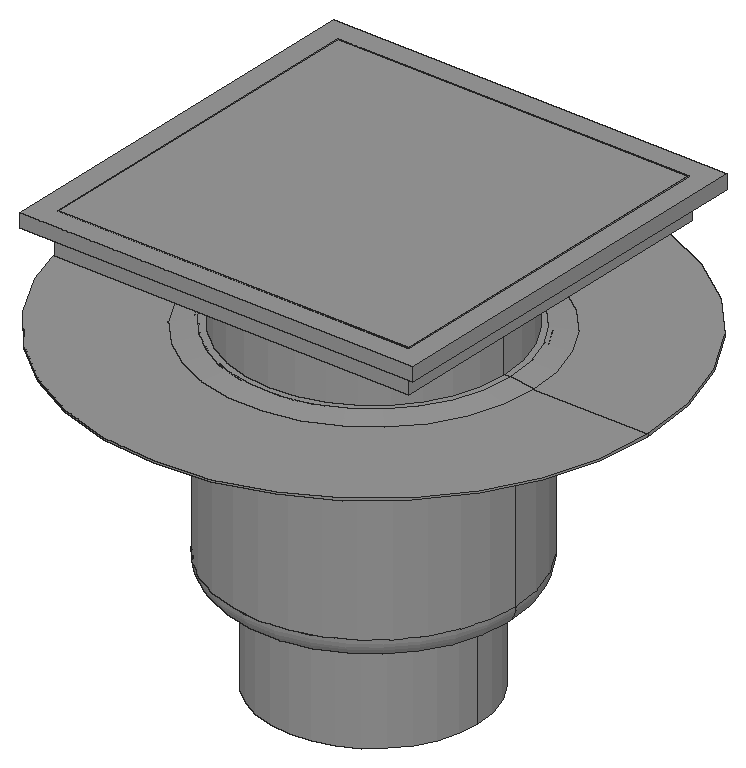
Revit family "ACO AUS Gully 218 Telescopic - Square Top - Vertical Outlet with Mechanical Flange - 300x3003", category Plumbing Fixtures, host Floor, Revit 2014
Parameters (values of type "142204 - Adjustable Height without FAT SS 304")
  vertical 110 = no
  Website = "www.acoaus.com.au"
  Watermarked By = "www.acoaus.com.au"
  Water Marked With = "BIM Manager Premium Suite"  # constant formula
  Water Mark 2 = "This file is water marked and users are prohibited to reproduce, adapt, distribute this information"  # constant formula
  Water Mark 1 = "This file is the property of ACO Passavant"  # constant formula
  Waste Connection = no
  Vertical 160 = yes
  Telephone = "+61 (2) 4747 4000"  # constant formula
  Square Size = 300.000 mm
  Seepage Water Removal Pipe End = -if(Square Size = 250.000 mm, 33.500 mm, 25.000 mm)  # -25.000 mm
  Product Type = "Point Drainage"  # constant formula
  Product Range = "ACO Gully 218"  # constant formula
  Product Code 413029 = "N/A"
  Product Code 413028 = "2.0 litre removable strainer - Stainless steel grade 304 - 0.9kg"
  Product Code 408236 = "N/A"
  Product Code 408233 = "N/A"
  Product Code 408226 = "Waterproof bonding flange - Stainless steel grade 304 - 2.5kg"
  Product Code 408223 = "0.7 litre removable strainer - Stainless steel grade 304 - 0.6kg"
  Product Code 142008 = "N/A"
  Product Code 142006 = "N/A"
  Product Code 142005 = "N/A"
  Product Code 142004 = "N/A"
  Product Code 142003 = "N/A"
  Product Code 142002 = "N/A"
  Price = "POA - contact ACO "  # constant formula
  Outlet Height = 77.000 mm
  Outlet Diameter (mm) = "160"  # constant formula
  Outlet = 78.500 mm
  Material = Stainless Steel AISI 304
  Manufacturer = "ACO Polycrete"  # constant formula
  Load Class = "A15 - C250 (EN 1253) and D210 (AS 3996)\r\n"  # constant formula
  Gully Weight (Kg) = "6"
  Gully Void Start [instance] = 0.000 mm  # constant formula
  Gully Void End = -244.000 mm
  Gully Top Size (mm) = "To suit 300x300 grates\r\n"  # constant formula
  Gully Top = yes
  Gully Recycled Material Content = "20 - 30 %"  # constant formula
  Gully Recyclable = "Fully Recyclable"  # constant formula
  Gully Product Description = "ACO Gully 218 adjustable height gully with integrated clamping flange - DN160 vertical outlet with square top section without FAT - grade 304"
  Gully Product Code = "142204"
  Gully Material = "Stainless steel grade 304"
  Gully Colour = "passivated stainless steel surface ( matt grey)"  # constant formula
  Grating product Code 416944 = "Load Class M125 (EN 1253) - Cast grate - Slip Resistant - Stainless steel grade 304 - 168x168x25 - 5.6kg"
  Grating product Code 416917 = "N/A"
  Grating product Code 416916 = "Load Class R50 (EN 1253) - Ladder grate - Slip Resistant - Stainless steel grade 304 - 268x268x25 - 3.5kg"
  Grating product Code 408145 = "N/A"
  Grating product Code 408137 = "N/A"
  Grating product Code 142010 = "Load Class L15 (EN 1253) - 5 Star grate - Slip Resistant - Stainless steel grade 304 - 268x268x25 - 4.1kg"
  Grating Product Code 408141 = "N/A"
  Grating Product Code 408135 = "N/A"
  Grating Product Code 408134 = "N/A"
  Grating Product Code 408045 = "Load Class D210 (EN 1253) - Ladder grate - Plain - Stainless steel grade 304 - 268x268x25 - 6.2kg"
  Grating Product Code 408041 = "Load Class L15 (EN 1253) - Arla grate - Slip Resistant - Stainless steel grade 304 - 268x268x25 - 1.8kg"
  Grating Product Code 408037 = "Load Class M125 (EN 1253) - Ladder grate - Slip Resistant - Stainless steel grade 304 - 168x168x25 - 4.3kg"
  Grating Product Code 408035 = "Load Class L15 (EN 1253) - Mesh grate - Plain - Stainless steel grade 304 - 268x268x25 - 2.1kg"
  Grating Product Code 408034 = "Load Class L15 (EN 1253) - Mesh grate - Slip Resistant - Stainless steel grade 304 - 268x268x25 - 2.1kg"
  Foul Air Trap Seal Recycled Material Content = "N/A"
  Foul Air Trap Seal Recyclable = "N/A"
  Foul Air Trap Seal Material = "N/A"
  Foul Air Trap Seal Colour = "N/A"
  Flow Rate (l/s) = "27.1"
  Grating 250 x 250mm = Square Size = 300.000 mm  # yes
  Floor to Gully Height [instance] = if(FFL To Gully Top Height > 91.000 mm, 91.000 mm, if(and(FFL To Gully Top Height > 62.000 mm, FFL To Gully Top Height < 92.000 mm), FFL To Gully Top Height, if(FFL To Gully Top Height < 62.000 mm, 62.000 mm, FFL To Gully Top Height)))  # 91.000 mm
  Floor Void End [instance] = -(Floor to Gully Height)  # -91.000 mm
  Fax = "+61 (2) 4747 4029"  # constant formula
  FFL To Gully Top Height [instance] = 160.000 mm
  E-mail Sales = "sales@acoaus.com.au"
  Address = "134-140 Old Bathurst Road, Emu Plains, NSW 2750, Australia\r\n"  # constant formula
  Foul Air Trap & Foul Air Trap Support Ring = no
  416944 - 268 x 268mm - Cast Grating - Slip Resistant - Stainless Steel 304 [instance] = no
  416917 - 268 x 268mm - Ladder Grating - Slip Resistant - Stainless Steel 316 [instance] = no
  416916 - 268 x 268mm - Ladder Grating - Slip Resistant - Stainless Steel 304 [instance] = no
  413029 - 2.0 litre removable strainer - Stainless Steel 316 [instance] = no
  413028 - 2.0 litre removable strainer - Stainless Steel 304 [instance] = no
  408236 - Waterproof bonding flange - Stainless Steel 316 [instance] = no
  408233 - 0.7 litre removable strainer - Stainless Steel 316 [instance] = no
  408226 - Waterproof bonding flange - Stainless Steel 304 [instance] = no
  408223 - 0.7 litre removable strainer - Stainless Steel 304 [instance] = no
  408145 - 268 x 268mm - Ladder Grating - Plain - Stainless Steel 316 [instance] = no
  408141 - 268 x 268mm - Arla Grating - Slip Resistant - Stainless Steel 316 [instance] = no
  408137 - 268 x 268mm - Ladder Grating - Slip Resistant - Stainless Steel 316 [instance] = no
  408135 - 268 x 268mm - Mesh Grating - Plain - Stainless Steel 316 [instance] = no
  408134 - 268 x 268mm - Mesh Grating - Slip Resistant - Stainless Steel 316 [instance] = no
  408045 - 268 x 268mm - Ladder Grating - Plain - Stainless Steel 304 [instance] = no
  408041 - 268 x 268mm - Arla Grating - Slip Resistant - Stainless Steel 304 [instance] = no
  408037 - 268 x 268mm - Ladder Grating - Slip Resistant - Stainless steel 304 [instance] = no
  408035 - 268 x 268mm - Mesh Grating - Plain - Stainless Steel 304 [instance] = yes
  408034 - 268 x 268mm - Mesh Grating - Slip Resistant - Stainless Steel 304 [instance] = no
  142010 - 268 x 268mm - 5 star Grating - Slip Resistant - Stainless Steel 304 [instance] = no
  142008 - Fixed strainer to suit a 160mm outlet - Stainless Steel 316 [instance] = no
  142006 - Retention chain connecting removable FAT to grate - Stainless Steel 316 [instance] = no
  142005 - Retention chain connecting removable strainer to grate - Stainless Steel 316 [instance] = no
  142004 - Retention chain connecting to FAT to removable strainer -Stainless Steel 316 [instance] = no
  142003 - Retention chain connecting fixed strainer to removable strainer - Stainless Steel 316 [instance] = no
  142002 - Retention chain connecting fixed strainer to FAT - Stainless Steel 316 [instance] = no
Reference planes
  plane 1 "Center (Front/Back)": y = 0
  plane 2: z = 0
  plane 3 "Center (Left/Right)": x = 0
Forms (mm)
  Sweep 1, solid, material "Stainless Steel AISI 304" <- "Material", visible <- "Gully Top"
    path origin (0, 0, 0) x (1, 0, 0) y (0, 1, 0)
      loop
        line (-150, -150) -> (150, -150) -> (150, 150) -> (-150, 150) -> (-150, -150)
    profile origin (-150, 0, 0) x (-1, 0, 0) y (0, 0, 1)
      loop
        line (0, -10.364) -> (0, 0) -> (-16, 0) -> (-16, -29.864) -> (-42, -29.864) -> (-42, -44.35) -> (-100, -44.35) -> (-100, -45.35) -> (-41, -45.35) -> (-41, -30.864) -> (-14.75, -30.864) -> (-14.75, -10.364) -> (0, -10.364)
  Revolve 2, solid, material "Stainless Steel AISI 304" <- "Material", visible <- "Gully Top"
    sketch origin (1.25, 0, -10) x (1, 0, 0) y (0, 0, 1)
      loop
        arc (-105.358, -35.354) -> (-102.432, -36.797) -> (-101.25, -39.837) r 4.5
        line (-101.25, -39.837) -> (-101.25, -93.864) -> (-100.25, -93.864) -> (-100.25, -39.837)
        arc (-100.25, -39.837) -> (-101.696, -36.132) -> (-105.271, -34.385) r 5.47
        line (-105.271, -34.385) -> (-106.861, -34.35) -> (-106.861, -35.354) -> (-105.358, -35.354)
      axis (-1.25, -93.864) -> (-1.25, -34.35)
    angle from 0 to 360
  Extrusion 3, void
    sketch origin (-50, -50, -44.35) x (-1, 0, 0) y (0, 1, 0)
      loop
        circle (-50, 50) r 105.611
    from 0 to 2
  Extrusion 4, solid, material "Stainless Steel AISI 304" <- "Material", visible <- "Gully Top"
    sketch origin (0, 0, 0) x (1, 0, 0) y (0, 1, 0)
      loop
        line (-134, 134) -> (-134, -134) -> (134, -134) -> (134, 134) -> (-134, 134)
    from 0 to -30
  Extrusion 5, void
    sketch origin (0, 0, 0) x (1, 0, 0) y (0, 1, 0)
      loop
        line (-150, 150) -> (-150, -150) -> (150, -150) -> (150, 150) -> (-150, 150)
    from 0 to -91 <- "Floor Void End"
  Revolve 6, solid, material "Rubber, Nitrile", visible <- "Foul Air Trap & Foul Air Trap Support Ring"
    sketch origin (0, 0, 0) x (1, 0, 0) y (0, 0, 1)
      loop
        line (-90.995, -145.5) -> (-107.493, -145.5) -> (-107.493, -166.5) -> (-90.995, -166.5) -> (-90.995, -161) -> (-85.993, -161) -> (-85.993, -150.482) -> (-90.995, -150.482) -> (-90.995, -145.5)
      axis (0, -166.5) -> (0, -145.5)
    angle from 0 to 360
  Extrusion 7, void
    sketch origin (0, 0, -91) x (0, 1, 0) y (-1, 0, 0)
      loop
        circle (0, 0) r 210
    from 0 <- "Gully Void Start" to -244 <- "Gully Void End"
  Revolve 8, solid, material "Stainless Steel AISI 304" <- "Material", visible <- "Foul Air Trap & Foul Air Trap Support Ring"
    sketch origin (0, 0, 0) x (1, 0, 0) y (0, 0, 1)
      loop
        line (-91, -145.534) -> (-91, -148.034)
        arc (-91, -148.034) -> (-90.121, -150.155) -> (-88, -151.034) r 3
        line (-88, -151.034) -> (-81.5, -151.034)
        arc (-81.5, -151.034) -> (-67.358, -156.892) -> (-61.5, -171.034) r 20
        line (-61.5, -171.034) -> (-61.5, -176.07) -> (-60, -176.07) -> (-60, -171.034)
        arc (-60, -171.034) -> (-66.297, -155.831) -> (-81.5, -149.534) r 21.5
        line (-81.5, -149.534) -> (-88, -149.534)
        arc (-88, -149.534) -> (-89.061, -149.095) -> (-89.5, -148.034) r 1.5
        line (-89.5, -148.034) -> (-89.5, -145.534) -> (-91, -145.534)
      loop
        line (-84, -172.534) -> (-84, -202.534)
        arc (-84, -202.534) -> (-72.577, -230.111) -> (-45, -241.534) r 39
        line (-45, -241.534) -> (0, -241.534) -> (0, -240.034) -> (-45, -240.034)
        arc (-45, -240.034) -> (-71.517, -229.05) -> (-82.5, -202.534) r 37.5
        line (-82.5, -202.534) -> (-82.5, -172.534) -> (-84, -172.534)
      axis (0, -145.534) -> (0, -241.534)
    angle from 0 to 360
Cuts and joins
  Extrusion 3 cuts Sweep 1
Lines and regions (mm)
  model lines, visible <- "Grating 250 x 250mm", not visible
    curve 1: line (625.621, 158.755, 0.136) -> (625.621, -111.745, 0.136)
    curve 2: line (626.621, 158.755, 0.136) -> (626.621, -111.745, 0.136)
    curve 3: line (723.344, 158.755, 0.136) -> (723.344, -111.745, 0.136)
    curve 4: line (724.344, 158.755, 0.136) -> (724.344, -111.745, 0.136)
    curve 5: line (658.195, 158.755, 0.136) -> (658.195, -111.745, 0.136)
    curve 6: line (659.195, 158.755, 0.136) -> (659.195, -111.745, 0.136)
    curve 7: line (690.77, 158.755, 0.136) -> (690.77, -111.745, 0.136)
    curve 8: line (691.77, 158.755, 0.136) -> (691.77, -111.745, 0.136)
    curve 9: line (528.897, 158.755, 0.136) -> (528.897, -111.745, 0.136)
    curve 10: line (527.897, 158.755, 0.136) -> (527.897, -111.745, 0.136)
    curve 11: line (594.046, 158.755, 0.136) -> (594.046, -111.745, 0.136)
    curve 12: line (593.046, 158.755, 0.136) -> (593.046, -111.745, 0.136)
    curve 13: line (561.472, 158.755, 0.136) -> (561.472, -111.745, 0.136)
    curve 14: line (560.472, 158.755, 0.136) -> (560.472, -111.745, 0.136)
    curve 15: line (471.728, 42.147, 0.136) -> (742.228, 42.147, 0.136)
    curve 16: line (471.728, 43.147, 0.136) -> (742.228, 43.147, 0.136)
    curve 17: line (471.728, 139.871, 0.136) -> (742.228, 139.871, 0.136)
    curve 18: line (471.728, 140.871, 0.136) -> (742.228, 140.871, 0.136)
    curve 19: line (471.728, 74.722, 0.136) -> (742.228, 74.722, 0.136)
    curve 20: line (471.728, 75.722, 0.136) -> (742.228, 75.722, 0.136)
    curve 21: line (471.728, 107.296, 0.136) -> (742.228, 107.296, 0.136)
    curve 22: line (471.728, 108.296, 0.136) -> (742.228, 108.296, 0.136)
    curve 23: line (471.728, -54.577, 0.136) -> (742.228, -54.577, 0.136)
    curve 24: line (471.728, -55.577, 0.136) -> (742.228, -55.577, 0.136)
    curve 25: line (471.728, 10.573, 0.136) -> (742.228, 10.573, 0.136)
    curve 26: line (471.728, 9.573, 0.136) -> (742.228, 9.573, 0.136)
    curve 27: line (471.728, -22.002, 0.136) -> (742.228, -22.002, 0.136)
    curve 28: line (471.728, -23.002, 0.136) -> (742.228, -23.002, 0.136)
    curve 29: line (493.322, 158.755, 0.136) -> (493.322, -111.745, 0.136)
    curve 30: line (492.322, 158.755, 0.136) -> (492.322, -111.745, 0.136)
    curve 31: line (471.728, -90.152, 0.136) -> (742.228, -90.152, 0.136)
    curve 32: line (471.728, -91.152, 0.136) -> (742.228, -91.152, 0.136)
  model lines
    curve 33: line (-134, -101.295, 0) -> (134, -101.295, 0)
    curve 34: line (-134, -98.105, 0) -> (134, -98.105, 0)
    curve 35: line (-134, -61.415, 0) -> (134, -61.415, 0)
    curve 36: line (-134, -58.225, 0) -> (134, -58.225, 0)
    curve 37: line (-134, -21.535, 0) -> (134, -21.535, 0)
    curve 38: line (-134, -18.345, 0) -> (134, -18.345, 0)
    curve 39: line (-134, 18.345, 0) -> (134, 18.345, 0)
    curve 40: line (-134, 21.535, 0) -> (134, 21.535, 0)
    curve 41: line (-134, 58.225, 0) -> (134, 58.225, 0)
    curve 42: line (-134, 61.415, -91) -> (134, 61.415, -91)
    curve 43: line (-134, 98.105, 0) -> (134, 98.105, 0)
    curve 44: line (-134, 101.295, 0) -> (134, 101.295, 0)
    curve 45: line (-101.295, 134, 0) -> (-101.295, -134, 0)
    curve 46: line (-98.105, 134, 0) -> (-98.105, -134, 0)
    curve 47: line (-134, 61.415, 0) -> (134, 61.415, 0)
    curve 48: line (-61.415, 134, 0) -> (-61.415, -134, 0)
    curve 49: line (-58.225, 134, 0) -> (-58.225, -134, 0)
    curve 50: line (-21.535, 134, 0) -> (-21.535, -134, 0)
    curve 51: line (-18.345, 134, 0) -> (-18.345, -134, 0)
    curve 52: line (18.345, 134, 0) -> (18.345, -134, 0)
    curve 53: line (21.535, 134, 0) -> (21.535, -134, 0)
    curve 54: line (58.225, 134, 0) -> (58.225, -134, 0)
    curve 55: line (61.415, 134, 0) -> (61.415, -134, 0)
    curve 56: line (98.105, 134, 0) -> (98.105, -134, 0)
    curve 57: line (101.295, 134, 0) -> (101.295, -134, 0)
  model lines, not visible
    curve 58: line (-134, -101.295, -53) -> (134, -101.295, -53)
    curve 59: line (-134, -98.105, -53) -> (134, -98.105, -53)
    curve 60: line (-134, -61.415, -53) -> (134, -61.415, -53)
    curve 61: line (-134, -58.225, -53) -> (134, -58.225, -53)
    curve 62: line (-134, -21.535, -53) -> (134, -21.535, -53)
    curve 63: line (-134, -18.345, -53) -> (134, -18.345, -53)
    curve 64: line (-134, 18.345, -53) -> (134, 18.345, -53)
    curve 65: line (-134, 21.535, -53) -> (134, 21.535, -53)
    curve 66: line (-134, 58.225, -53) -> (134, 58.225, -53)
    curve 67: line (-134, 98.105, -53) -> (134, 98.105, -53)
    curve 68: line (-134, 101.295, -53) -> (134, 101.295, -53)
    curve 69: line (-101.295, 134, -53) -> (-101.295, -134, -53)
    curve 70: line (-98.105, 134, -53) -> (-98.105, -134, -53)
    curve 71: line (-134, 61.415, -53) -> (134, 61.415, -53)
    curve 72: line (-61.415, 134, -53) -> (-61.415, -134, -53)
    curve 73: line (-58.225, 134, -53) -> (-58.225, -134, -53)
    curve 74: line (-21.535, 134, -53) -> (-21.535, -134, -53)
    curve 75: line (-18.345, 134, -53) -> (-18.345, -134, -53)
    curve 76: line (18.345, 134, -53) -> (18.345, -134, -53)
    curve 77: line (21.535, 134, -53) -> (21.535, -134, -53)
    curve 78: line (58.225, 134, -53) -> (58.225, -134, -53)
    curve 79: line (61.415, 134, -53) -> (61.415, -134, -53)
    curve 80: line (98.105, 134, -53) -> (98.105, -134, -53)
    curve 81: line (101.295, 134, -53) -> (101.295, -134, -53)
    curve 82: line (-134, -101.295, 0) -> (134, -101.295, 0)
    curve 83: line (-134, -98.105, 0) -> (134, -98.105, 0)
    curve 84: line (-134, -61.415, 0) -> (134, -61.415, 0)
    curve 85: line (-134, -58.225, 0) -> (134, -58.225, 0)
    curve 86: line (-134, -21.535, 0) -> (134, -21.535, 0)
    curve 87: line (-134, -18.345, 0) -> (134, -18.345, 0)
    curve 88: line (-134, 18.345, 0) -> (134, 18.345, 0)
    curve 89: line (-134, 21.535, 0) -> (134, 21.535, 0)
    curve 90: line (-134, 58.225, 0) -> (134, 58.225, 0)
    curve 91: line (-134, 98.105, 0) -> (134, 98.105, 0)
    curve 92: line (-134, 101.295, 0) -> (134, 101.295, 0)
    curve 93: line (-101.295, 134, 0) -> (-101.295, -134, 0)
    curve 94: line (-98.105, 134, 0) -> (-98.105, -134, 0)
    curve 95: line (-134, 61.415, 0) -> (134, 61.415, 0)
    curve 96: line (-61.415, 134, 0) -> (-61.415, -134, 0)
    curve 97: line (-58.225, 134, 0) -> (-58.225, -134, 0)
    curve 98: line (-21.535, 134, 0) -> (-21.535, -134, 0)
    curve 99: line (-18.345, 134, 0) -> (-18.345, -134, 0)
    curve 100: line (18.345, 134, 0) -> (18.345, -134, 0)
    curve 101: line (21.535, 134, 0) -> (21.535, -134, 0)
    curve 102: line (58.225, 134, 0) -> (58.225, -134, 0)
    curve 103: line (61.415, 134, 0) -> (61.415, -134, 0)
    curve 104: line (98.105, 134, 0) -> (98.105, -134, 0)
    curve 105: line (101.295, 134, 0) -> (101.295, -134, 0)
Dimensions and locks
  equal spacing: Sweep 1 sketch curve, plane 3 "Center (Left/Right)", Sweep 1 sketch curve
  "Square Size": Sweep 1 sketch curve to Sweep 1 sketch curve  (x2)
  equal spacing: Sweep 1 sketch curve, plane 1 "Center (Front/Back)", Sweep 1 sketch curve
  Sweep 1 sketch curve to Sweep 1 sketch curve to Sweep 1 sketch curve to Sweep 1 sketch curve to Sweep 1 sketch curve to Sweep 1 sketch curve = 58.000 mm, 1.000 mm, 25.000 mm, 1.250 mm, 14.750 mm
  Sweep 1 sketch curve to Sweep 1 sketch curve to Sweep 1 sketch curve = 13.487 mm, 1.000 mm
  Sweep 1 sketch curve to Sweep 1 sketch curve = 1.000 mm
  Sweep 1 sketch curve to Sweep 1 sketch curve = 29.864 mm
  Revolve 2 sketch curve to Revolve 2 sketch curve to Revolve 2 sketch curve to Revolve 2 sketch curve to Revolve 2 sketch curve to Revolve 2 sketch curve to Revolve 2 sketch curve = 1.503 mm, 0.087 mm locked, 4.021 mm locked, 0.000 mm locked, 1.000 mm locked, 0.000 mm locked
  Revolve 2 sketch curve to Revolve 2 sketch curve to Revolve 2 sketch curve to Revolve 2 sketch curve to Revolve 2 sketch curve to Revolve 2 sketch curve to Revolve 2 sketch curve = 0.035 mm, 0.969 mm, 0.000 mm, 4.483 mm locked, 0.000 mm locked, 54.026 mm
  locked: cut or joined group of Sweep 1, Extrusion 3 to Revolve 2 at 59.513
  Extrusion 4 to nested 1 = 61.000 mm
  locked: cut or joined group of Sweep 1, Extrusion 3 to Revolve 2 sketch curve at 58.513
  Revolve 6 sketch curve to Revolve 6 sketch curve to Revolve 6 sketch curve to Revolve 6 sketch curve = 4.982 mm locked, 10.518 mm locked, 5.500 mm locked
  equal spacing: Revolve 6 sketch curve, Revolve 6 sketch curve, Revolve 6 sketch curve, Revolve 6 sketch curve
  "FFL To Gully Top Height": host floor to host floor
  Revolve 6 sketch curve to Revolve 6 sketch curve to Revolve 6 sketch curve to Revolve 6 sketch curve = 16.497 mm locked, 0.000 mm locked, 5.003 mm locked
  Revolve 8 sketch curve to Revolve 8 sketch curve to Revolve 8 sketch curve to Revolve 8 sketch curve to Revolve 8 sketch curve to Revolve 8 sketch curve to Revolve 8 sketch curve to Revolve 8 sketch curve to Revolve 8 sketch curve to Revolve 8 sketch curve to Revolve 8 sketch curve = 2.500 mm locked, 3.000 mm locked, 20.000 mm locked, 0.000 mm locked, 1.500 mm locked, 3.536 mm locked, 26.464 mm locked, 0.000 mm locked, 37.500 mm locked, 1.500 mm locked
  locked: nested 1 to Revolve 6 at 54.5
  locked: nested 1 to Revolve 8 sketch curve at 150.534
  locked: nested 1 to Revolve 6 sketch curve at 54.5
  aligned and locked: level to plane 2
  aligned and locked: profile plane to Sweep 1 sketch curve
  aligned and locked: Extrusion 3 sketch curve to Revolve 2  (x2)
  aligned and locked: Extrusion 4 sketch curve to cut or joined group of Sweep 1, Extrusion 3  (x4)
  aligned and locked: Extrusion 5 sketch curve to cut or joined group of Sweep 1, Extrusion 3  (x4)
  aligned and locked: nested 2 to cut or joined group of Sweep 1, Extrusion 3
  aligned and locked: plane 3 "Center (Left/Right)" to nested 2
  aligned and locked: nested 3 to cut or joined group of Sweep 1, Extrusion 3
  aligned and locked: nested 3 to plane 1 "Center (Front/Back)"
  aligned and locked: nested 5 to plane 1 "Center (Front/Back)"
  aligned and locked: nested 1 to nested 5
  aligned and locked: nested 4 to plane 1 "Center (Front/Back)"
  aligned and locked: nested 4 to nested 5
  aligned and locked: plane 3 "Center (Left/Right)" to Revolve 2 sketch curve
  aligned and locked: Extrusion 7 sketch curve to nested 1
  aligned and locked: plane 3 "Center (Left/Right)" to nested 6
  aligned and locked: nested 6 to nested 1
Automatic sketch dimensions
  Revolve 2 sketch curve to level = 0.000 mm
  Revolve 2 sketch curve to plane 3 "Center (Left/Right)" = 99.000 mm
  level to Revolve 2 sketch curve = 25.000 mm
  curve 12 to curve 1 = 0.000 mm
  curve 10 to curve 12 = 0.000 mm
  curve 1 to curve 2 = 0.000 mm  (x2)
  curve 10 to curve 14 = 0.000 mm  (x2)
  curve 2 to curve 3 = 0.000 mm
  curve 14 to curve 13 = 0.000 mm  (x2)
  curve 3 to curve 4 = 0.000 mm  (x2)
  curve 30 to curve 10 = 0.000 mm
  curve 2 to curve 5 = 0.000 mm  (x2)
  curve 30 to curve 29 = 0.000 mm  (x2)
  curve 5 to curve 6 = 0.000 mm  (x2)
  curve 8 to curve 3 = 0.000 mm
  curve 7 to curve 8 = 0.000 mm  (x2)
  curve 12 to curve 11 = 0.000 mm  (x2)
  curve 10 to curve 9 = 0.000 mm  (x2)
  curve 30 to curve 32 = 20.594 mm
  curve 32 to curve 31 = 1.000 mm
  curve 31 to curve 24 = 34.575 mm
  curve 24 to curve 23 = 1.000 mm
  curve 23 to curve 28 = 31.575 mm
  curve 28 to curve 27 = 1.000 mm
  curve 27 to curve 26 = 31.575 mm
  curve 26 to curve 25 = 1.000 mm
  curve 25 to curve 15 = 31.575 mm
  curve 15 to curve 16 = 1.000 mm
  curve 16 to curve 19 = 31.575 mm
  curve 19 to curve 20 = 1.000 mm
  curve 20 to curve 21 = 31.575 mm
  curve 21 to curve 22 = 1.000 mm
  curve 22 to curve 17 = 31.575 mm
  curve 17 to curve 18 = 1.000 mm
  curve 18 to curve 14 = 17.884 mm
  curve 13 to curve 12 = 0.000 mm
  curve 18 to curve 8 = 17.884 mm
  curve 18 to curve 29 = 17.884 mm
  curve 6 to curve 7 = 0.000 mm
  curve 18 to curve 4 = 17.884 mm  (x2)
  curve 15 to curve 32 = 0.000 mm
  curve 17 to curve 15 = 0.000 mm
  curve 18 to curve 17 = 0.000 mm
  curve 19 to curve 15 = 0.000 mm
  curve 20 to curve 19 = 0.000 mm  (x2)
  curve 21 to curve 20 = 0.000 mm  (x2)
  curve 22 to curve 21 = 0.000 mm  (x2)
  curve 23 to curve 32 = 0.000 mm
  curve 24 to curve 23 = 0.000 mm
  curve 25 to curve 15 = 0.000 mm
  curve 26 to curve 25 = 0.000 mm  (x2)
  curve 27 to curve 26 = 0.000 mm  (x2)
  curve 28 to curve 27 = 0.000 mm  (x2)
  curve 31 to curve 32 = 0.000 mm
  curve 16 to curve 15 = 0.000 mm  (x2)
  curve 4 to curve 3 = 1.000 mm
  curve 3 to curve 8 = 31.575 mm
  curve 8 to curve 7 = 1.000 mm
  curve 7 to curve 6 = 31.575 mm
  curve 6 to curve 5 = 1.000 mm
  curve 5 to curve 2 = 31.575 mm
  curve 2 to curve 1 = 1.000 mm
  curve 1 to curve 11 = 31.575 mm
  curve 11 to curve 12 = 1.000 mm
  curve 12 to curve 13 = 31.575 mm
  curve 13 to curve 14 = 1.000 mm
  curve 14 to curve 9 = 31.575 mm
  curve 9 to curve 10 = 1.000 mm
  curve 10 to curve 29 = 34.575 mm
  curve 29 to curve 30 = 1.000 mm
  curve 30 to curve 25 = 20.594 mm
  curve 30 to curve 18 = 20.594 mm
  curve 19 to curve 25 = 0.000 mm
  curve 24 to curve 27 = 0.000 mm
  curve 15 to curve 25 = 0.000 mm
  curve 23 to curve 24 = 0.000 mm
  curve 31 to curve 24 = 0.000 mm
  curve 32 to curve 31 = 0.000 mm
  curve 17 to curve 18 = 0.000 mm
  Revolve 6 sketch curve to level = 0.000 mm
  Revolve 6 sketch curve to plane 3 "Center (Left/Right)" = 0.000 mm
  Revolve 6 sketch curve to plane 3 "Center (Left/Right)" = 85.993 mm
  level to Revolve 6 sketch curve = 25.000 mm
  curve 42 to nested 1 = 61.415 mm
  curve 42 to curve 42 = 268.000 mm
  Sweep 1 sketch curve to level = 0.000 mm
  Sweep 1 sketch curve to level = 10.364 mm
  Revolve 8 sketch curve to Revolve 8 sketch curve = 0.000 mm  (x4)
  Revolve 8 sketch curve to plane 3 "Center (Left/Right)" = 91.000 mm
  Revolve 8 sketch curve to Revolve 8 sketch curve = 1.500 mm
  Revolve 8 sketch curve to Revolve 8 sketch curve = 4.000 mm
  Revolve 8 sketch curve to Revolve 8 sketch curve = 1.000 mm
  Revolve 8 sketch curve to Revolve 8 sketch curve = 45.000 mm
  Revolve 8 sketch curve to Revolve 8 sketch curve = 81.500 mm
  Revolve 8 sketch curve to level = 66.213 mm
  Revolve 8 sketch curve to Revolve 8 sketch curve = 10.000 mm
Nested families
  nested 1: "Vertical Gully Outlet" at (0, 0, 0), type "408057 - Telescopic - Vertical Outlet Ø - 110mm"
  nested 2: "Gully Top Detail Element" at (0, 0, 0) x (1, 0, 0) z (0, -1, 0), visible <- "Gully Top", type "Front & Rare"
  nested 3: "Gully Top Detail Element" at (0, 0, 0) x (0, 1, 0) z (1, 0, 0), visible <- "Gully Top", type "Left &  Right"
  nested 4: "Gully Detail Vertical" at (0, 0, -91) x (0, 1, 0) z (1, 0, 0), visible <- "Vertical 160", type "Vertical Outlet Gully 160"
  nested 5: "Gully Detail Vertical" at (0, 0, -91) x (0, 1, 0) z (1, 0, 0), visible <- "vertical 110", type "Vertical Outlet Gully 110"
  nested 6: "Gully Detail Vertical" at (0, 0, -91) x (1, 0, 0) z (0, -1, 0), type "Vertical Outlet Gully 160"
Connectors
  piping at (0, 0, -335), diameter 160
    settings: on nested 1, index 1, connector inside diameter 609.6 mm, connector length 0.000 mm, flow factor 0, pipe flow 0.0 L/s, pressure drop 0.0 Pa, fitting loss kfactor 0, connector angle 0.00°, fixture units 0, engagement length 0.000 mm, angle of deflection 0.00°, flow configuration 0, flow direction 0, fitting loss method 0, system type 16, joint type 0, gender type 0, connector reference index -1, connector utility 0, adjustable connector no, is connector primary yes, connector description ""
Definition of nested family "Vertical Gully Outlet"
  Parameters (values of type "408057 - Telescopic - Vertical Outlet Ø - 110mm")
    Vertical Void Radius = 78.500 mm
    Vertical Outlet = yes
    Type Comments = "﻿﻿  ﻿         ​    ﻿            ​            ​      ﻿      ﻿   ​     ﻿    ﻿   ​      ﻿​             ﻿         ​  ﻿      ​ ​    ​      ​  ​      ​       ​      ​            ﻿        ​      ﻿      ﻿       ﻿        ​    ​​ ​ ​​​ ​    ​﻿ ​​​         ﻿﻿                          ​﻿                         ﻿     ​                      ​         ​ ﻿       ​   ​              ​       ​  ​               ﻿         ​​                                 ​       ​                 ﻿          ﻿   ​​ ​          ﻿ ​             ﻿﻿"
    Top Plate Radius = 209.000 mm
    Vertical Height from Floor = 91.000 mm
    Outlet Height = 77.000 mm
    Keynote = "﻿﻿  ﻿         ​    ﻿            ​            ​      ﻿      ﻿   ​     ﻿    ﻿   ​      ﻿​             ﻿         ​  ﻿      ​ ​    ​      ​  ​      ​       ​      ​            ﻿        ​      ﻿      ﻿       ﻿        ​    ​​ ​ ​​​ ​    ​﻿ ​​​         ﻿﻿                          ​﻿                         ﻿     ​                      ​         ​ ﻿       ​   ​              ​       ​  ​               ﻿         ​​                                 ​       ​                 ﻿          ﻿   ​​ ​          ﻿ ​             ﻿﻿"
    Gully Height = if(Vertical Outlet, 170.000 mm, 0.000 mm)  # 170.000 mm
    Description = "﻿﻿  ﻿         ​    ﻿            ​            ​      ﻿      ﻿   ​     ﻿    ﻿   ​      ﻿​             ﻿         ​  ﻿      ​ ​    ​      ​  ​      ​       ​      ​            ﻿        ​      ﻿      ﻿       ﻿        ​    ​​ ​ ​​​ ​    ​﻿ ​​​         ﻿﻿                          ​﻿                         ﻿     ​                      ​         ​ ﻿       ​   ​              ​       ​  ​               ﻿         ​​                                 ​       ​                 ﻿          ﻿   ​​ ​          ﻿ ​             ﻿﻿"
    Assembly Code = "D"
  Types (2, lengths in mm): name | Vertical Height from Floor
    408057 - Telescopic - Vertical Outlet Ø - 110mm | 91.000
    408057 - Telescopic - Vertical Outlet Ø - 160mm | 150.000
  Reference planes
    plane 1 "Center (Front/Back)": y = 0
    plane 2: z = 0
    plane 3 "Center (Left/Right)": x = 0
    plane 4: z = -171
  Forms (mm)
    Revolve 1, solid, material "Stainless Steel AISI 304"
      sketch origin (0, 0, 0) x (1, 0, 0) y (0, 0, 1)
        loop
          line (-78.5, -259.5) -> (-92.5, -259.5)
          arc (-92.5, -259.5) -> (-103.107, -255.107) -> (-107.5, -244.5) r 15
          line (-107.5, -244.5) -> (-107.5, -91) -> (-210, -91) -> (-210, -92.5) -> (-109, -92.5) -> (-109, -244.5)
          arc (-109, -244.5) -> (-104.167, -256.167) -> (-92.5, -261) r 16.5
          line (-92.5, -261) -> (-78.5, -261) -> (-78.5, -259.5)
        axis (0, -261) -> (0, -91)
      angle from 0 to 360
    Revolve 2, solid, material "Stainless Steel AISI 304", visible <- "Vertical Outlet"
      sketch origin (0, 0, 0) x (1, 0, 0) y (0, 0, 1)
        loop
          line (-80, -335) -> (-78.5, -335) -> (-78.5, -261) -> (-80, -261) -> (-80, -335)
        axis (0, -335) -> (0, -261)
      angle from 0 to 360
    Revolve 3, solid, material "Rubber, Nitrile"
      sketch origin (0, 0, 0) x (1, 0, 0) y (0, 0, 1)
        loop
          line (-122.5, -91) -> (-107.5, -91) -> (-107.5, -112) -> (-100, -112) -> (-100, -88.659) -> (-104.943, -88.659) -> (-122.5, -91)
        axis (0, -112) -> (0, -88.659)
      angle from 0 to 360
  Dimensions and locks
    plane 3 "Center (Left/Right)" to Revolve 1 sketch curve to Revolve 1 sketch curve = 107.500 mm, 1.500 mm locked
    "Vertical Height from Floor": host floor to Revolve 1 sketch curve
    Revolve 1 sketch curve to Revolve 1 sketch curve to Revolve 1 sketch curve to Revolve 1 sketch curve = 0.000 mm locked, 15.000 mm locked, 1.500 mm locked
    "Gully Height": Revolve 1 sketch curve to Revolve 1 sketch curve
    "Vertical Void Radius": plane 3 "Center (Left/Right)" to Revolve 1 sketch curve
    locked: Revolve 2 sketch curve to Revolve 2 sketch curve at 1.5
    "Vertical Void Radius": plane 3 "Center (Left/Right)" to Revolve 2 sketch curve
    locked: Revolve 1 to Revolve 2 sketch curve at 1.5
    locked: Revolve 1 sketch curve to Revolve 1 sketch curve at 1.5
    locked: Revolve 3 sketch curve to Revolve 3 sketch curve at 15
    locked: Revolve 1 to Revolve 3 at 21
    locked: Revolve 3 sketch curve to Revolve 3 sketch curve at 21
    aligned and locked: level to plane 2
  Automatic sketch dimensions
    Revolve 3 sketch curve to plane 4 = 59.000 mm
    Revolve 3 sketch curve to plane 3 "Center (Left/Right)" = 0.000 mm
    Revolve 3 sketch curve to plane 3 "Center (Left/Right)" = 100.000 mm
    Revolve 3 sketch curve to Revolve 3 sketch curve = 7.500 mm
    Revolve 3 sketch curve to Revolve 3 sketch curve = 2.557 mm
    Revolve 3 sketch curve to level = 39.000 mm
    Revolve 3 sketch curve to level = 14.000 mm
    Revolve 3 sketch curve to Revolve 3 sketch curve = 2.341 mm
    Revolve 1 sketch curve to plane 3 "Center (Left/Right)" = 0.000 mm
    Revolve 1 sketch curve to Revolve 1 sketch curve = 101.000 mm
    level to Revolve 1 sketch curve = 200.000 mm
    Revolve 1 sketch curve to Revolve 1 sketch curve = 20.000 mm
    Revolve 2 sketch curve to level = 0.000 mm
    Revolve 2 sketch curve to plane 3 "Center (Left/Right)" = 0.000 mm
    Revolve 2 sketch curve to Revolve 2 sketch curve = 74.000 mm
    level to Revolve 2 sketch curve = 10.000 mm
Definition of nested family "Gully Top Detail Element"
  Parameters (values of type "Front & Rare")
    Type Comments = ""
    Support Moving Domenssion = if(Square Size = 200.000 mm, 86.500 mm, if(Square Size = 300.000 mm, 136.500 mm, 25.000 mm))  # 136.500 mm
    Square Size = 300.000 mm
    L & R = no
    Keynote = ""
    Grating Depth = if(Square Size = 200.000 mm, 25.000 mm, if(Square Size = 300.000 mm, 30.000 mm, 25.000 mm))  # 30.000 mm
    F & R = yes
    Assembly Code = "D"
  Types (2, lengths in mm): name | L & R | F & R
    Front & Rare | no | yes
    Left &  Right | yes | no
  Reference planes
    plane 1 "Center (Front/Back)": y = 0
    plane 2: z = 0
    plane 3 "Center (Left/Right)": x = 0
  Lines and regions (mm)
    detail lines, in view "Ref. Level"
      curve 1: line (-148, 0, 0) -> (148, 0, 0)
      curve 2: line (-150, -10.5, 0) -> (150, -10.5, 0)
      curve 3: line (-150, -10.5, 0) -> (-150, -1, 0)
      curve 4: line (150, -1, 0) -> (150, -10.5, 0)
      curve 5: arc (-148, 0, 0) -> (-149.118, -0.264, 0) -> (-150, -1, 0) r 2.5
      curve 6: arc (148, 0, 0) -> (149.118, -0.264, 0) -> (150, -1, 0) r 2.5
      curve 7: line (-135.25, -31, 0) -> (-135.25, -10.5, 0)
      curve 8: line (135.25, -10.5, 0) -> (135.25, -31, 0)
      curve 9: line (-109, -45.5, 0) -> (-7.794, -45.5, 0)
      curve 11: line (-100, -104, 0) -> (-100, -49.983, 0)
      curve 12: arc (-100, -49.983, 0) -> (-101.182, -46.943, 0) -> (-104.108, -45.5, 0) r 4.5
      curve 13: line (100, -49.983, 0) -> (100, -104, 0)
      curve 14: arc (104.108, -45.5, 0) -> (101.182, -46.943, 0) -> (100, -49.983, 0) r 4.5
      curve 15: line (100, -104, 0) -> (-100, -104, 0)
      curve 16: line (7.794, -45.5, 0) -> (109, -45.5, 0)
      curve 155: line (-7.794, -45.5, 0) -> (7.794, -45.5, 0)
      curve 177: line (-109, -31, 0) -> (-109, -45.5, 0)
      curve 178: line (109, -31, 0) -> (109, -45.5, 0)
      curve 179: line (-135.25, -31, 0) -> (-109, -31, 0)
      curve 180: line (109, -31, 0) -> (135.25, -31, 0)
    detail lines, in view "Ref. Level", detail levels medium+fine
      curve 10: line (-109, -44, 0) -> (-8.485, -44, 0)
      curve 17: line (8.485, -44, 0) -> (109, -44, 0)
      curve 156: line (-8.485, -44, 0) -> (8.485, -44, 0)
    detail lines, in view "Ref. Level", detail levels fine
      curve 18: arc (-12.5, -144.737, 0) -> (0, -150.75, 0) -> (12.5, -144.737, 0) r 16
      curve 19: circle (0, -138.25, 0) r 6 normal (0, 0, 1)
      curve 20: line (12.5, -144.737, 0) -> (12.5, -104, 0)
      curve 21: line (-12.5, -144.737, 0) -> (-12.5, -104, 0)
      curve 82: arc (-182.081, -30.543, 0) -> (-177.485, -32.447, 0) -> (-172.889, -30.543, 0) r 6.5
      curve 83: arc (-201.88, -29.836, 0) -> (-197.991, -31.447, 0) -> (-194.102, -29.836, 0) r 5.5
      curve 84: arc (-202.587, -30.543, 0) -> (-197.991, -32.447, 0) -> (-193.395, -30.543, 0) r 6.5
      curve 85: arc (-223.093, -30.543, 0) -> (-218.497, -32.447, 0) -> (-213.901, -30.543, 0) r 6.5
      curve 86: arc (-223.093, -30.543, 0) -> (-218.497, -32.447, 0) -> (-213.901, -30.543, 0) r 6.5
      curve 87: line (-222.386, -29.836, 0) -> (-224.861, -27.361, 0)
      curve 88: line (-225.568, -28.068, 0) -> (-223.093, -30.543, 0)
      curve 89: arc (-224.861, -27.361, 0) -> (-226.645, -26.169, 0) -> (-228.75, -25.75, 0) r 5.5
      curve 90: arc (-225.568, -28.068, 0) -> (-227.028, -27.093, 0) -> (-228.75, -26.75, 0) r 4.5
      curve 91: line (-253.25, -26.75, 0) -> (-228.75, -26.75, 0)
      curve 92: line (-253.25, -25.75, 0) -> (-228.75, -25.75, 0)
      curve 93: line (-167.232, -26.75, 0) -> (-135.25, -26.75, 0)
      curve 94: arc (-167.232, -26.75, 0) -> (-168.954, -27.093, 0) -> (-170.414, -28.068, 0) r 4.5
      curve 95: arc (-167.232, -25.75, 0) -> (-169.336, -26.169, 0) -> (-171.121, -27.361, 0) r 5.5
      curve 96: line (-172.889, -30.543, 0) -> (-170.414, -28.068, 0)
      curve 97: line (-171.121, -27.361, 0) -> (-173.596, -29.836, 0)
      curve 98: arc (-181.374, -29.836, 0) -> (-177.485, -31.447, 0) -> (-173.596, -29.836, 0) r 5.5
      curve 99: arc (-182.081, -30.543, 0) -> (-177.485, -32.447, 0) -> (-172.889, -30.543, 0) r 6.5
      curve 100: line (-147.25, -26.75, 0) -> (-147.25, -25.75, 0)
      curve 101: line (-184.556, -28.068, 0) -> (-182.081, -30.543, 0)
      curve 102: line (-181.374, -29.836, 0) -> (-183.849, -27.361, 0)
      curve 103: arc (-183.849, -27.361, 0) -> (-187.738, -25.75, 0) -> (-191.627, -27.361, 0) r 5.5
      curve 104: arc (-184.556, -28.068, 0) -> (-187.738, -26.75, 0) -> (-190.92, -28.068, 0) r 4.5
      curve 105: line (-191.627, -27.361, 0) -> (-194.102, -29.836, 0)
      curve 106: line (-193.395, -30.543, 0) -> (-190.92, -28.068, 0)
      curve 107: line (-205.062, -28.068, 0) -> (-202.587, -30.543, 0)
      curve 108: line (-201.88, -29.836, 0) -> (-204.355, -27.361, 0)
      curve 109: arc (-205.062, -28.068, 0) -> (-208.244, -26.75, 0) -> (-211.426, -28.068, 0) r 4.5
      curve 110: arc (-204.355, -27.361, 0) -> (-208.244, -25.75, 0) -> (-212.133, -27.361, 0) r 5.5
      curve 111: line (-212.133, -27.361, 0) -> (-214.608, -29.836, 0)
      curve 112: line (-213.901, -30.543, 0) -> (-211.426, -28.068, 0)
      curve 113: arc (182.081, -30.543, 0) -> (177.485, -32.447, 0) -> (172.889, -30.543, 0) r 6.5
      curve 114: arc (201.88, -29.836, 0) -> (197.991, -31.447, 0) -> (194.102, -29.836, 0) r 5.5
      curve 115: arc (202.587, -30.543, 0) -> (197.991, -32.447, 0) -> (193.395, -30.543, 0) r 6.5
      curve 116: arc (223.093, -30.543, 0) -> (218.497, -32.447, 0) -> (213.901, -30.543, 0) r 6.5
      curve 117: arc (223.093, -30.543, 0) -> (218.497, -32.447, 0) -> (213.901, -30.543, 0) r 6.5
      curve 118: line (222.386, -29.836, 0) -> (224.861, -27.361, 0)
      curve 119: line (225.568, -28.068, 0) -> (223.093, -30.543, 0)
      curve 120: arc (224.861, -27.361, 0) -> (226.645, -26.169, 0) -> (228.75, -25.75, 0) r 5.5
      curve 121: arc (225.568, -28.068, 0) -> (227.028, -27.093, 0) -> (228.75, -26.75, 0) r 4.5
      curve 122: line (167.232, -26.75, 0) -> (135.25, -26.75, 0)
      curve 123: arc (167.232, -26.75, 0) -> (168.954, -27.093, 0) -> (170.414, -28.068, 0) r 4.5
      curve 124: arc (167.232, -25.75, 0) -> (169.336, -26.169, 0) -> (171.121, -27.361, 0) r 5.5
      curve 125: line (172.889, -30.543, 0) -> (170.414, -28.068, 0)
      curve 126: line (171.121, -27.361, 0) -> (173.596, -29.836, 0)
      curve 127: arc (181.374, -29.836, 0) -> (177.485, -31.447, 0) -> (173.596, -29.836, 0) r 5.5
      curve 128: arc (182.081, -30.543, 0) -> (177.485, -32.447, 0) -> (172.889, -30.543, 0) r 6.5
      curve 129: line (147.25, -26.75, 0) -> (147.25, -25.75, 0)
      curve 130: line (184.556, -28.068, 0) -> (182.081, -30.543, 0)
      curve 131: line (181.374, -29.836, 0) -> (183.849, -27.361, 0)
      curve 132: arc (183.849, -27.361, 0) -> (187.738, -25.75, 0) -> (191.627, -27.361, 0) r 5.5
      curve 133: arc (184.556, -28.068, 0) -> (187.738, -26.75, 0) -> (190.92, -28.068, 0) r 4.5
      curve 134: line (191.627, -27.361, 0) -> (194.102, -29.836, 0)
      curve 135: line (193.395, -30.543, 0) -> (190.92, -28.068, 0)
      curve 136: line (205.062, -28.068, 0) -> (202.587, -30.543, 0)
      curve 137: line (201.88, -29.836, 0) -> (204.355, -27.361, 0)
      curve 138: arc (205.062, -28.068, 0) -> (208.244, -26.75, 0) -> (211.426, -28.068, 0) r 4.5
      curve 139: arc (204.355, -27.361, 0) -> (208.244, -25.75, 0) -> (212.133, -27.361, 0) r 5.5
      curve 140: line (212.133, -27.361, 0) -> (214.608, -29.836, 0)
      curve 141: line (213.901, -30.543, 0) -> (211.426, -28.068, 0)
      curve 142: line (-253.25, -25.75, 0) -> (-253.25, -26.75, 0)
      curve 143: line (-247.237, -26.75, 0) -> (-247.237, -25.75, 0)
      curve 146: line (253.25, -26.75, 0) -> (228.75, -26.75, 0)
      curve 147: line (253.25, -25.75, 0) -> (228.75, -25.75, 0)
      curve 148: line (253.25, -25.75, 0) -> (253.25, -26.75, 0)
      curve 149: line (247.237, -26.75, 0) -> (247.237, -25.75, 0)
      curve 157: arc (-222.386, -29.836, 0) -> (-218.497, -31.447, 0) -> (-214.608, -29.836, 0) r 5.5
      curve 159: arc (222.386, -29.836, 0) -> (218.497, -31.447, 0) -> (214.608, -29.836, 0) r 5.5
      curve 161: line (-135.25, -25.75, 0) -> (-167.232, -25.75, 0)
      curve 162: line (-135.25, -26.75, 0) -> (-135.25, -16.75, 0)
      curve 163: line (-136.25, -26.75, 0) -> (-136.25, -16.75, 0)
      curve 164: line (-136.25, -16.75, 0) -> (-135.25, -16.75, 0)
      curve 169: line (135.25, -25.75, 0) -> (167.232, -25.75, 0)
      curve 170: line (135.25, -26.75, 0) -> (135.25, -16.75, 0)
      curve 171: line (136.25, -26.75, 0) -> (136.25, -16.75, 0)
      curve 172: line (135.25, -16.75, 0) -> (136.25, -16.75, 0)
    detail lines, in view "Ref. Level", not visible, detail levels fine
      curve 22: arc (-310.641, -582.151, 0) -> (-306.045, -584.055, 0) -> (-301.449, -582.151, 0) r 6.5
      curve 23: arc (-330.44, -581.444, 0) -> (-326.551, -583.055, 0) -> (-322.662, -581.444, 0) r 5.5
      curve 24: arc (-331.148, -582.151, 0) -> (-326.551, -584.055, 0) -> (-321.955, -582.151, 0) r 6.5
      curve 25: arc (-351.654, -582.151, 0) -> (-347.057, -584.055, 0) -> (-342.461, -582.151, 0) r 6.5
      curve 26: arc (-351.654, -582.151, 0) -> (-347.057, -584.055, 0) -> (-342.461, -582.151, 0) r 6.5
      curve 27: line (-350.947, -581.444, 0) -> (-353.421, -578.969, 0)
      curve 28: line (-354.129, -579.677, 0) -> (-351.654, -582.151, 0)
      curve 29: arc (-353.421, -578.969, 0) -> (-355.206, -577.777, 0) -> (-357.311, -577.359, 0) r 5.5
      curve 30: arc (-354.129, -579.677, 0) -> (-355.588, -578.701, 0) -> (-357.311, -578.359, 0) r 4.5
      curve 31: line (-381.811, -578.359, 0) -> (-357.311, -578.359, 0)
      curve 32: line (-381.811, -577.359, 0) -> (-357.311, -577.359, 0)
      curve 33: line (-295.792, -578.359, 0) -> (-263.811, -578.359, 0)
      curve 34: arc (-295.792, -578.359, 0) -> (-297.514, -578.701, 0) -> (-298.974, -579.677, 0) r 4.5
      curve 35: arc (-295.792, -577.359, 0) -> (-297.897, -577.777, 0) -> (-299.681, -578.969, 0) r 5.5
      curve 36: line (-301.449, -582.151, 0) -> (-298.974, -579.677, 0)
      curve 37: line (-299.681, -578.969, 0) -> (-302.156, -581.444, 0)
      curve 38: arc (-309.934, -581.444, 0) -> (-306.045, -583.055, 0) -> (-302.156, -581.444, 0) r 5.5
      curve 39: arc (-310.641, -582.151, 0) -> (-306.045, -584.055, 0) -> (-301.449, -582.151, 0) r 6.5
      curve 40: line (-275.811, -578.359, 0) -> (-275.811, -577.359, 0)
      curve 41: line (-313.116, -579.677, 0) -> (-310.641, -582.151, 0)
      curve 42: line (-309.934, -581.444, 0) -> (-312.409, -578.969, 0)
      curve 43: arc (-312.409, -578.969, 0) -> (-316.298, -577.359, 0) -> (-320.187, -578.969, 0) r 5.5
      curve 44: arc (-313.116, -579.677, 0) -> (-316.298, -578.359, 0) -> (-319.48, -579.677, 0) r 4.5
      curve 45: line (-320.187, -578.969, 0) -> (-322.662, -581.444, 0)
      curve 46: line (-321.955, -582.151, 0) -> (-319.48, -579.677, 0)
      curve 47: line (-333.622, -579.677, 0) -> (-331.148, -582.151, 0)
      curve 48: line (-330.44, -581.444, 0) -> (-332.915, -578.969, 0)
      curve 49: arc (-333.622, -579.677, 0) -> (-336.804, -578.359, 0) -> (-339.986, -579.677, 0) r 4.5
      curve 50: arc (-332.915, -578.969, 0) -> (-336.804, -577.359, 0) -> (-340.694, -578.969, 0) r 5.5
      curve 51: line (-340.694, -578.969, 0) -> (-343.168, -581.444, 0)
      curve 52: line (-342.461, -582.151, 0) -> (-339.986, -579.677, 0)
      curve 53: arc (-163.368, -582.151, 0) -> (-167.964, -584.055, 0) -> (-172.56, -582.151, 0) r 6.5
      curve 54: arc (-143.569, -581.444, 0) -> (-147.458, -583.055, 0) -> (-151.347, -581.444, 0) r 5.5
      curve 55: arc (-142.862, -582.151, 0) -> (-147.458, -584.055, 0) -> (-152.054, -582.151, 0) r 6.5
      curve 56: arc (-122.356, -582.151, 0) -> (-126.952, -584.055, 0) -> (-131.548, -582.151, 0) r 6.5
      curve 57: arc (-122.356, -582.151, 0) -> (-126.952, -584.055, 0) -> (-131.548, -582.151, 0) r 6.5
      curve 58: line (-123.063, -581.444, 0) -> (-120.588, -578.969, 0)
      curve 59: line (-119.881, -579.677, 0) -> (-122.356, -582.151, 0)
      curve 60: arc (-120.588, -578.969, 0) -> (-118.804, -577.777, 0) -> (-116.699, -577.359, 0) r 5.5
      curve 61: arc (-119.881, -579.677, 0) -> (-118.421, -578.701, 0) -> (-116.699, -578.359, 0) r 4.5
      curve 62: line (-178.217, -578.359, 0) -> (-210.199, -578.359, 0)
      curve 63: arc (-178.217, -578.359, 0) -> (-176.495, -578.701, 0) -> (-175.035, -579.677, 0) r 4.5
      curve 64: arc (-178.217, -577.359, 0) -> (-176.112, -577.777, 0) -> (-174.328, -578.969, 0) r 5.5
      curve 65: line (-172.56, -582.151, 0) -> (-175.035, -579.677, 0)
      curve 66: line (-174.328, -578.969, 0) -> (-171.853, -581.444, 0)
      curve 67: arc (-164.075, -581.444, 0) -> (-167.964, -583.055, 0) -> (-171.853, -581.444, 0) r 5.5
      curve 68: arc (-163.368, -582.151, 0) -> (-167.964, -584.055, 0) -> (-172.56, -582.151, 0) r 6.5
      curve 69: line (-198.199, -578.359, 0) -> (-198.199, -577.359, 0)
      curve 70: line (-160.893, -579.677, 0) -> (-163.368, -582.151, 0)
      curve 71: line (-164.075, -581.444, 0) -> (-161.6, -578.969, 0)
      curve 72: arc (-161.6, -578.969, 0) -> (-157.711, -577.359, 0) -> (-153.822, -578.969, 0) r 5.5
      curve 73: arc (-160.893, -579.677, 0) -> (-157.711, -578.359, 0) -> (-154.529, -579.677, 0) r 4.5
      curve 74: line (-153.822, -578.969, 0) -> (-151.347, -581.444, 0)
      curve 75: line (-152.054, -582.151, 0) -> (-154.529, -579.677, 0)
      curve 76: line (-140.387, -579.677, 0) -> (-142.862, -582.151, 0)
      curve 77: line (-143.569, -581.444, 0) -> (-141.094, -578.969, 0)
      curve 78: arc (-140.387, -579.677, 0) -> (-137.205, -578.359, 0) -> (-134.023, -579.677, 0) r 4.5
      curve 79: arc (-141.094, -578.969, 0) -> (-137.205, -577.359, 0) -> (-133.316, -578.969, 0) r 5.5
      curve 80: line (-133.316, -578.969, 0) -> (-130.841, -581.444, 0)
      curve 81: line (-131.548, -582.151, 0) -> (-134.023, -579.677, 0)
      curve 144: line (-381.811, -577.359, 0) -> (-381.811, -578.359, 0)
      curve 145: line (-375.798, -578.359, 0) -> (-375.798, -577.359, 0)
      curve 150: line (-92.199, -578.359, 0) -> (-116.699, -578.359, 0)
      curve 151: line (-92.199, -577.359, 0) -> (-116.699, -577.359, 0)
      curve 152: line (-92.199, -577.359, 0) -> (-92.199, -578.359, 0)
      curve 153: line (-98.211, -578.359, 0) -> (-98.211, -577.359, 0)
      curve 158: arc (-350.947, -581.444, 0) -> (-347.057, -583.055, 0) -> (-343.168, -581.444, 0) r 5.5
      curve 160: arc (-123.063, -581.444, 0) -> (-126.952, -583.055, 0) -> (-130.841, -581.444, 0) r 5.5
      curve 165: line (-263.811, -577.359, 0) -> (-295.792, -577.359, 0)
      curve 166: line (-263.811, -578.359, 0) -> (-263.811, -568.359, 0)
      curve 167: line (-264.811, -578.359, 0) -> (-264.811, -568.359, 0)
      curve 168: line (-264.811, -568.359, 0) -> (-263.811, -568.359, 0)
      curve 173: line (-210.199, -577.359, 0) -> (-178.217, -577.359, 0)
      curve 174: line (-210.199, -578.359, 0) -> (-210.199, -568.359, 0)
      curve 175: line (-209.199, -578.359, 0) -> (-209.199, -568.359, 0)
      curve 176: line (-210.199, -568.359, 0) -> (-209.199, -568.359, 0)
    detail lines, in view "Ref. Level", detail levels coarse
      curve 154: line (-104.108, -45.5, 0) -> (104.108, -45.5, 0)
Definition of nested family "Gully Detail Vertical"
  Parameters (values of type "Vertical Outlet Gully 160")
    Vertical 160 = yes
    Vertical 110 = no
    Type Comments = "﻿﻿  ﻿         ​    ﻿            ​            ​      ﻿      ﻿   ​     ﻿    ﻿   ​      ﻿​             ﻿         ​  ﻿      ​ ​    ​      ​  ​      ​       ​      ​            ﻿        ​      ﻿      ﻿       ﻿        ​    ​​ ​ ​​​ ​    ​﻿ ​​​         ﻿﻿                          ​﻿                         ﻿     ​                      ​         ​ ﻿       ​   ​              ​       ​  ​               ﻿         ​​                                 ​       ​                 ﻿          ﻿   ​​ ​          ﻿ ​             ﻿﻿"
    Top Piece Height = 170.000 mm
    Top Dia = 218.000 mm
    Top Connecting Plate Dia = 420.000 mm
    Keynote = "﻿﻿  ﻿         ​    ﻿            ​            ​      ﻿      ﻿   ​     ﻿    ﻿   ​      ﻿​             ﻿         ​  ﻿      ​ ​    ​      ​  ​      ​       ​      ​            ﻿        ​      ﻿      ﻿       ﻿        ​    ​​ ​ ​​​ ​    ​﻿ ​​​         ﻿﻿                          ​﻿                         ﻿     ​                      ​         ​ ﻿       ​   ​              ​       ​  ​               ﻿         ​​                                 ​       ​                 ﻿          ﻿   ​​ ​          ﻿ ​             ﻿﻿"
    Botttom Piece Height = 98.000 mm
    Bottom Outlet Dia = 160.000 mm
    Assembly Code = "D"
    A or B = 58.903 mm
  Types (3, lengths in mm): name | Vertical 160 | Vertical 110 | Top Connecting Plate Dia | Botttom Piece Height | Assembly Code
    Vertical Outlet Gully 110 | yes | no | 418.000 | 98.000 | "D"
    Vertical Outlet Gully 160 | yes | no | 420.000 | 98.000 | "D"
    Vertical Outlet Gully | no | yes | 418.000 | 93.000 | "﻿﻿  ﻿         ​    ﻿            ​            ​      ﻿      ﻿   ​     ﻿    ﻿   ​      ﻿​             ﻿         ​  ﻿      ​ ​    ​      ​  ​      ​       ​      ​            ﻿        ​      ﻿      ﻿       ﻿        ​    ​​ ​ ​​​ ​    ​﻿ ​​​         ﻿﻿                          ​﻿                         ﻿     ​                      ​         ​ ﻿       ​   ​              ​       ​  ​               ﻿         ​​                                 ​       ​                 ﻿          ﻿   ​​ ​          ﻿ ​             ﻿﻿"
  Reference planes
    plane 1 "Center (Front/Back)": y = 0
    plane 2: z = 0
    plane 3 "Center (Left/Right)": x = 0
  Lines and regions (mm)
    detail lines, in view "Ref. Level"
      curve 1: line (-210, 0, 0) -> (210, 0, 0)
      curve 2: line (210, 0, 0) -> (210, -1.5, 0)
      curve 4: line (-210, -1.5, 0) -> (-210, 0, 0)
      curve 22: line (92.5, -170, 0) -> (-92.5, -170, 0)
    detail lines, in view "Ref. Level", detail levels medium+fine
      curve 3: line (210, -1.5, 0) -> (-210, -1.5, 0)
      curve 5: arc (111, -1.5, 0) -> (109.586, -2.086, 0) -> (109, -3.5, 0) r 2
      curve 6: line (-109, -58.903, 0) -> (-109, -3.5, 0)
      curve 7: line (109, -58.903, 0) -> (109, -3.5, 0)
      curve 8: arc (107.25, -61.934, 0) -> (108.531, -60.653, 0) -> (109, -58.903, 0) r 3.5
      curve 9: line (105.69, -62.835, 0) -> (107.25, -61.934, 0)
      curve 10: arc (105.69, -62.835, 0) -> (104.44, -65, 0) -> (105.69, -67.165, 0) r 2.5
      curve 11: line (105.69, -67.165, 0) -> (107.25, -68.066, 0)
      curve 12: arc (109, -71.097, 0) -> (108.531, -69.347, 0) -> (107.25, -68.066, 0) r 3.5
      curve 13: line (109, -153.5, 0) -> (109, -71.097, 0)
      curve 14: arc (92.5, -170, 0) -> (104.167, -165.167, 0) -> (109, -153.5, 0) r 16.5
      curve 15: arc (-109, -58.903, 0) -> (-108.531, -60.653, 0) -> (-107.25, -61.934, 0) r 3.5
      curve 16: line (-105.69, -62.835, 0) -> (-107.25, -61.934, 0)
      curve 17: arc (-105.69, -67.165, 0) -> (-104.44, -65, 0) -> (-105.69, -62.835, 0) r 2.5
      curve 18: line (-105.69, -67.165, 0) -> (-107.25, -68.066, 0)
      curve 19: arc (-107.25, -68.066, 0) -> (-108.531, -69.347, 0) -> (-109, -71.097, 0) r 3.5
      curve 20: line (-109, -153.5, 0) -> (-109, -71.097, 0)
      curve 21: arc (-109, -153.5, 0) -> (-104.167, -165.167, 0) -> (-92.5, -170, 0) r 16.5
      curve 56: arc (-111, -1.5, 0) -> (-109.586, -2.086, 0) -> (-109, -3.5, 0) r 2
    detail lines, in view "Ref. Level", visible <- "Vertical 110", detail levels medium+fine
      curve 23: arc (-55.5, -175, 0) -> (-57.543, -171.417, 0) -> (-61.416, -170, 0) r 6
      curve 24: line (55.5, -175, 0) -> (-55.5, -175, 0)
      curve 25: arc (61.416, -170, 0) -> (57.543, -171.417, 0) -> (55.5, -175, 0) r 6
      curve 26: line (55, -178.017, 0) -> (55, -175, 0)
      curve 27: line (-55, -178.017, 0) -> (-55, -175, 0)
      curve 28: line (51.25, -181.733, 0) -> (55, -178.017, 0)
      curve 29: line (-51.25, -181.733, 0) -> (-55, -178.017, 0)
      curve 30: line (-51.25, -208.284, 0) -> (-51.25, -181.733, 0)
      curve 31: line (51.25, -208.284, 0) -> (51.25, -181.733, 0)
      curve 32: line (51.25, -208.284, 0) -> (55, -212, 0)
      curve 33: line (-51.25, -208.284, 0) -> (-55, -212, 0)
      curve 35: line (55, -260.536, 0) -> (53, -268, 0)
      curve 36: line (-53, -268, 0) -> (-55, -260.009, 0)
    detail lines, in view "Ref. Level", visible <- "Vertical 110"
      curve 34: line (-55, -260.009, 0) -> (-55, -212, 0)
      curve 37: line (53, -268, 0) -> (-53, -268, 0)
      curve 38: line (55, -260.536, 0) -> (55, -212, 0)
    detail lines, in view "Ref. Level", detail levels fine
      curve 39: line (-109, -58.903, 0) -> (109, -58.903, 0)
      curve 40: line (-109, -71.097, 0) -> (109, -71.097, 0)
      curve 74: line (-104.44, -65, 0) -> (104.44, -65, 0)
    detail lines, in view "Ref. Level", visible <- "Vertical 110", detail levels fine
      curve 41: line (-51.25, -181.733, 0) -> (51.25, -181.733, 0)
      curve 42: line (-51.25, -208.284, 0) -> (51.25, -208.284, 0)
      curve 43: line (-55, -212, 0) -> (55, -212, 0)
      curve 44: line (-55, -260.009, 0) -> (55, -260.009, 0)
    detail lines, in view "Ref. Level", detail levels coarse
      curve 45: line (210, -1.5, 0) -> (210, -66, 0)
      curve 46: line (-210, -1.5, 0) -> (-210, -170, 0)
      curve 47: line (-61.416, -170, 0) -> (-210, -170, 0)
      curve 54: line (210, -66, 0) -> (210, -170, 0)
      curve 55: line (60.795, -170, 0) -> (210, -170, 0)
    detail lines, in view "Ref. Level", visible <- "Vertical 110", detail levels coarse
      curve 48: line (-55, -212, 0) -> (-55, -170, 0)
      curve 49: line (55, -212, 0) -> (55, -170, 0)
      curve 50: line (-55, -260.009, 0) -> (-55, -268, 0)
      curve 51: line (-55, -268, 0) -> (-53, -268, 0)
      curve 52: line (55, -260.536, 0) -> (55, -268, 0)
      curve 53: line (53, -268, 0) -> (55, -268, 0)
    detail lines, in view "Ref. Level", visible <- "Vertical 160", detail levels medium+fine
      curve 57: arc (-80.5, -175, 0) -> (-82.543, -171.417, 0) -> (-86.416, -170, 0) r 6
      curve 58: line (-80, -178.017, 0) -> (-80, -175, 0)
      curve 61: arc (86.416, -170, 0) -> (82.543, -171.417, 0) -> (80.5, -175, 0) r 6
      curve 62: line (80, -178.017, 0) -> (80, -175, 0)
      curve 65: line (-78.501, -244, 0) -> (-80, -238.009, 0)
      curve 68: line (80, -238.536, 0) -> (78.536, -244, 0)
      curve 73: line (-80.5, -175, 0) -> (80.5, -175, 0)
    detail lines, in view "Ref. Level", visible <- "Vertical 160"
      curve 59: line (-80, -238.009, 0) -> (-80, -212, 0)
      curve 60: line (-80, -212, 0) -> (-80, -175, 0)
      curve 63: line (80, -238.536, 0) -> (80, -212, 0)
      curve 64: line (80, -212, 0) -> (80, -175, 0)
      curve 71: line (55, -244, 0) -> (-78.501, -244, 0)
      curve 72: line (55, -244, 0) -> (78.536, -244, 0)
    detail lines, in view "Ref. Level", visible <- "Vertical 160", detail levels coarse
      curve 66: line (-80, -238.009, 0) -> (-80, -244, 0)
      curve 67: line (-80, -244, 0) -> (-78.501, -244, 0)
      curve 69: line (80, -238.536, 0) -> (80, -244, 0)
      curve 70: line (78.536, -244, 0) -> (80, -244, 0)
      curve 75: line (-80, -175, 0) -> (-80, -170, 0)
      curve 76: line (80, -175, 0) -> (80, -170, 0)
    detail lines, in view "Ref. Level", visible <- "Vertical 160", detail levels fine
      curve 77: line (-79.837, -238.66, 0) -> (79.967, -238.66, 0)
    detail lines, style "0", in view "Ref. Level", detail levels medium+fine
      curve 78: arc (183.707, 0.023, 0) -> (182.235, 1.84, 0) -> (179.999, 2.523, 0) r 4
      curve 79: arc (-180.001, 2.523, 0) -> (-182.237, 1.84, 0) -> (-183.709, 0.023, 0) r 4
      curve 80: line (129.171, -0.076, 0) -> (129.349, 0.432, 0)
      curve 81: line (129.349, 0.432, 0) -> (129.585, 0.911, 0)
      curve 82: line (129.585, 0.911, 0) -> (129.876, 1.347, 0)
      curve 83: line (129.876, 1.347, 0) -> (130.043, 1.548, 0)
      curve 84: line (130.043, 1.548, 0) -> (130.225, 1.736, 0)
      curve 85: line (130.225, 1.736, 0) -> (130.421, 1.907, 0)
      curve 86: line (130.421, 1.907, 0) -> (130.63, 2.062, 0)
      curve 87: line (130.63, 2.062, 0) -> (130.851, 2.196, 0)
      curve 88: line (130.851, 2.196, 0) -> (131.084, 2.311, 0)
      curve 89: line (131.084, 2.311, 0) -> (131.329, 2.402, 0)
      curve 90: line (131.329, 2.402, 0) -> (131.582, 2.469, 0)
      curve 91: line (131.582, 2.469, 0) -> (131.841, 2.51, 0)
      curve 92: line (131.841, 2.51, 0) -> (132.101, 2.523, 0)
      curve 93: line (123.717, -0.076, 0) -> (123.54, 0.432, 0)
